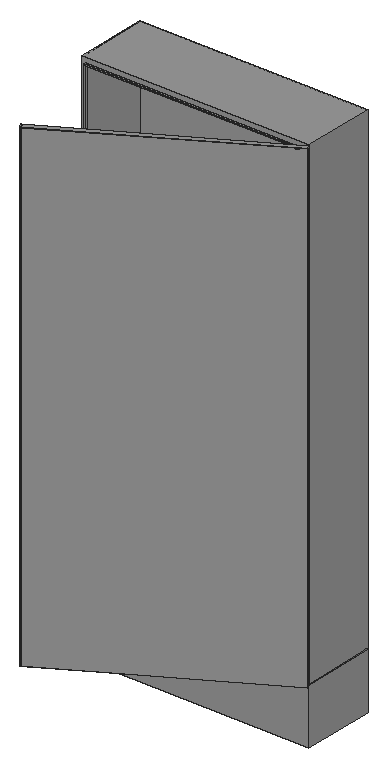
Revit family "Hager-Univers-IP55-D275-H1900-Cl.I-Steel_encl-NoHosted-CH-fr", category Electrical Equipment, Revit 2020
Family settings
  Panel Configuration = Two Columns, Circuits Across
  Round Connector Dimension = Use Diameter
  Part Type = Panelboard
  Work Plane-Based = Yes
  Always vertical = Yes
  Cut with Voids When Loaded = No
  Shared = No
  Room Calculation Point = No
Parameters (values of type "installation au sol IP55 L800 H1900 P275  - FR13E2")
  Width Control [instance] = if([EF000008 - largeur] > Min Width, [EF000008 - largeur], Min Width)  # 800 mm
  Type Comments = [HG000003 - Gamme]  # "Univers"
  Thickness Door [instance] = if([EF009171 - épaisseur de matériau de la porte/du couvercle] > 3 mm, 3 mm, [EF009171 - épaisseur de matériau de la porte/du couvercle])  # 1.5 mm
  Seal Frame Offset [instance] = 17 mm  # constant formula
  Plinth Visibility [instance] = [HG000027 - Hauteur du socle] > 0 mm  # yes
  Min Width [instance] = 100 mm  # constant formula
  Min Depth [instance] = (2 * [EF009170 - épaisseur de matériau du boîtier]) + 1 mm  # 4 mm
  Min Height [instance] = 100 mm  # constant formula
  Internal Frame Depth [instance] = (Door System Depth * 0.5)  # 9 mm
  Panel Name [instance] = ""  # (empty or 0)
  Model = ""
  HG000027 - Hauteur du socle = 200 mm
  HG000026 - Installation au sol = yes
  HG000024 - Hauteur de la section basse = 600 mm
  HG000023 - Armoire double section = no
  HG000016 - Visibilité de la porte 3D [instance] = yes
  HG000015 - Visibilité de l'emprise de la porte [instance] = no
  HG000014 - Porte à droite [instance] = yes
  HG000013 - Porte à gauche [instance] = not([HG000014 - Porte à droite])  # no
  HG000012 - Angle de pivotement de la porte [instance] = 30.00°
  HG000010 - Portes asymétriques = no
  HG000009 - Porte à double battant = no
  HG000006 - Encastré = no
  HG000004 - Référence fabricant = "FR13E2"
  HG000003 - Gamme = "Univers"
  HG000002 - avec porte = yes
  Frame Offset Bottom [instance] = 10 mm  # constant formula
  Frame Offset [instance] = 15 mm  # constant formula
  EF015940 - couvercle avec décharge de pression = no
  EF011959 - degré de protection (NEMA) = ""
  EF009554 - nombre d'ouvertures pour plaques à bride = 6
  EF009212 - finition du couvercle = "EV000116 - fermé"
  EF009171 - épaisseur de matériau de la porte/du couvercle = 1.5 mm
  EF009170 - épaisseur de matériau du boîtier = 1.5 mm
  EF008873 - courant nominal (In) = 800 A
  EF007800 - adapté à un parafoudre = no
  EF006306 - avec serrure = no
  EF006244 - couvercle/porte transparent(e) = no
  EF005474 - indice de protection (IP) = "EV006420 - IP55"
  EF004464 - type de porte = "EV002646 - unique"
  EF004427 - nombre de modules = 396
  EF004293 - indice de protection contre les chocs (IK) = "EV008784 - IK10"
  EF003532 - convient pour utilisation à l’extérieur = no
  EF002950 - largeur en nombre de modules = 24
  EF001613 - maintien de fonction = "EV000494 - sans"
  EF001596 - matériau du boîtier/corps = "EV000179 - acier"
  EF001131 - profondeur intérieure = 275 mm
  EF001088 - possibilité de montage en saillie = yes
  EF000437 - nombre d'entrées de conduit = 6
  EF000339 - type de capot = "EV004216 - porte"
  EF000266 - nombre de rangées = 11
  EF000218 - profondeur d'encastrement = 0 mm
  EF000118 - avec cadre/support de montage = no
  EF000116 - numéro RAL = "7035"
  EF000049 - profondeur = 275 mm
  EF000040 - hauteur = 1900 mm
  EF000008 - largeur = 800 mm
  EF000007 - couleur = "EV000270 - gris"
  EF000003 - mode de pose = "EV012274 - installation au sol"
  Door System Leaf Tolerance [instance] = 1.5 mm  # constant formula
  Door System Depth [instance] = 18 mm  # constant formula
  Door Height [instance] = Height Control - [HG000027 - Hauteur du socle]  # 1700 mm
  Description = ""
  Default Elevation = 1219.2 mm
  Connector Offset [instance] = Height Control / 2  # 950 mm
  Manufacturer = "Hager"  # constant formula
  Height Control [instance] = if([EF000040 - hauteur] > Min Height, [EF000040 - hauteur], Min Height)  # 1900 mm
  Depth Control [instance] = if([EF000049 - profondeur] > Min Depth, [EF000049 - profondeur], Min Depth)  # 275 mm
  Bottom Top Plate Trim [instance] = 1.5 mm  # constant formula
  Plinth height Ctrl [instance] = if([HG000027 - Hauteur du socle] > 0 mm, [HG000027 - Hauteur du socle], 12 mm)  # 200 mm
Types (5, lengths in mm): name | Width Control | HG000010 - Portes asymétriques | HG000009 - Porte à double battant | HG000004 - Référence fabricant | EF009554 - nombre d'ouvertures pour plaques à bride | EF004464 - type de porte | EF004427 - nombre de modules | EF000437 - nombre d'entrées de conduit | EF000008 - largeur
  installation au sol IP55 L1050 H1900 P275  - FR14E2 | 1050 | yes | yes | "FR14E2" | 8 | "EV003602 - double" | 528 | 8 | 1050
  installation au sol IP55 L1300 H1900 P275  - FR15E2 | 1300 | yes | yes | "FR15E2" | 10 | "EV003602 - double" | 660 | 10 | 1300
  installation au sol IP55 L300 H1900 P275  - FR11E2 | 300 | no | no | "FR11E2" | 2 | "EV002646 - unique" | 132 | 2 | 300
  installation au sol IP55 L550 H1900 P275  - FR12E2 | 550 | no | no | "FR12E2" | 4 | "EV002646 - unique" | 264 | 4 | 550
  installation au sol IP55 L800 H1900 P275  - FR13E2 | 800 | no | no | "FR13E2" | 6 | "EV002646 - unique" | 396 | 6 | 800
Reference planes
  plane 1 "Center (Front/Back)": y = 0
  plane 2: z = 0
  plane 3 "Center (Left/Right)": x = 0
  plane 4: y = 0
  plane 5: y = 0
  plane 6: z = 0
  plane 7: x = -400
  plane 8: x = 400
  plane 9: x = 398.5
  plane 10: x = -398.5
  plane 11: z = 200
  plane 12: z = 201.5
  plane 13: y = -275
  plane 14: y = -1.5
  plane 15: x = 0
  plane 16: y = -257
  plane 17: y = -273.5
  plane 18: y = -255.5
  plane 19: x = -383.5
  plane 20: x = 383.5
  plane 21: z = 211.5
  plane 22: x = -383
  plane 23: x = 383
  plane 24: z = 200
  plane 25: z = 1900
  plane 26: z = 1900
  plane 27: z = 1883.5
  plane 28: z = 1898.5
Forms (mm)
  Extrusion 1, solid, material "Hager_Steel_RAL7035_Light_Grey", detail levels medium+fine
    sketch origin (-208.679, -4572, 200) x (-1, 0, 0) y (0, -1, 0)
      loop
        line (191.321, -4315) -> (-608.679, -4315) -> (-608.679, -4572) -> (191.321, -4572) -> (191.321, -4315)
    from 0 to 1700
  Extrusion 2, void
    sketch origin (-350.771, -275, 1219.2) x (1, 0, 0) y (0, 0, 1)
      loop
        line (-47.729, 679.3) -> (-47.729, -1017.7) -> (749.271, -1017.7) -> (749.271, 679.3) -> (-47.729, 679.3)
    from -19.5 to -273.5
  Extrusion 3, void
    sketch origin (-290.084, -257, 1219.2) x (1, 0, 0) y (0, 0, 1)
      loop
        line (-93.416, -1007.7) -> (673.584, -1007.7) -> (673.584, 664.3) -> (-93.416, 664.3) -> (-93.416, -1007.7)
    from 0 to -1.5
  Extrusion 4, solid, material "Hager_Steel_RAL7035_Light_Grey", visible <- "Plinth Visibility", detail levels medium+fine
    sketch origin (0, 0, 0) x (1, 0, 0) y (0, 1, 0)
      loop
        line (-400, 0) -> (-400, -257) -> (400, -257) -> (400, 0) -> (-400, 0)
    from 0 to 200 <- "Plinth height Ctrl"
  Extrusion 5, solid, material "Hager_Steel_RAL7035_Light_Grey", detail levels coarse
    sketch origin (0, 0, 0) x (1, 0, 0) y (0, 1, 0)
      loop
        line (-400, 0) -> (-400, -275) -> (400, -275) -> (400, 0) -> (-400, 0)
    from 0 to 1900 <- "Height Control"
  Sweep 6, void
    path in 3D
      loop
        line (-400, -257, 200) -> (400, -257, 200) -> (400, 0, 200) -> (-400, 0, 200) -> (-400, -257, 200)
    profile origin (-400, -128.5, 200) x (1, 0, 0) y (0, 0, 1)
      loop
        line (0, 0) -> (0, -1.5) -> (1.5, -1.5)
        arc (1.5, -1.5) -> (1.061, -0.439) -> (0, 0) r 1.5
  Extrusion 7, solid, material "Hager_Steel_RAL7035_Light_Grey", detail levels fine
    sketch origin (-400, -257, 200) x (1, 0, 0) y (0, 0, 1)
      loop
        line (16.5, 11.5) -> (783.5, 11.5) -> (783.5, 1683.5) -> (16.5, 1683.5) -> (16.5, 11.5)
      loop
        line (15, 10) -> (785, 10) -> (785, 1685) -> (15, 1685) -> (15, 10)
    from 0 to 9 <- "Internal Frame Depth"
Cuts and joins
  Extrusion 2, Extrusion 3 cuts Extrusion 1
  Sweep 6 cuts Extrusion 4
Lines and regions (mm)
  Masking region 1
    outline origin (0, 0, 0) x (1, 0, 0) y (0, 1, 0)
      loop
        line (-400, 0) -> (-400, -275) -> (400, -275) -> (400, 0) -> (-400, 0)
  Masking region 2, detail levels coarse
    outline origin (-290.084, -257, 1219.2) x (-1, 0, 0) y (0, 0, 1)
      loop
        line (-690.084, -1219.2) -> (109.916, -1219.2) -> (109.916, 680.8) -> (-690.084, 680.8) -> (-690.084, -1219.2)
  Masking region 3, detail levels coarse
    outline origin (0, 0, 0) x (0, 1, 0) y (0, 0, 1)
      loop
        line (0, 0) -> (0, 1900) -> (-275, 1900) -> (-275, 0) -> (0, 0)
  Masking region 4, visible <- "Plinth Visibility", detail levels medium+fine
    outline origin (0, 0, 0) x (0, 1, 0) y (0, 0, 1)
      loop
        line (-1.5, 200) -> (-255.5, 200)
        arc (-255.5, 200) -> (-255.939, 198.939) -> (-257, 198.5) r 1.5
        line (-257, 198.5) -> (-257, 0) -> (0, 0) -> (0, 198.5)
        arc (0, 198.5) -> (-1.061, 198.939) -> (-1.5, 200) r 1.5
  Masking region 5, detail levels medium+fine
    outline origin (0, 0, 594.038) x (0, 1, 0) y (0, 0, 1)
      loop
        line (0, -394.038) -> (0, 1305.962) -> (-257, 1305.962) -> (-257, -394.038) -> (0, -394.038)
  Masking region 6, detail levels medium+fine
    outline origin (-359.7, -257, 1211.883) x (-1, 0, 0) y (0, 0, 1)
      loop
        line (-759.7, -1011.883) -> (40.3, -1011.883) -> (40.3, 688.117) -> (-759.7, 688.117) -> (-759.7, -1011.883)
  Masking region 7, visible <- "Plinth Visibility", detail levels medium+fine
    outline origin (-320.334, -257, 1041.368) x (-1, 0, 0) y (0, 0, 1)
      loop
        line (-720.334, -1041.368) -> (79.666, -1041.368) -> (79.666, -842.868)
        arc (79.666, -842.868) -> (78.606, -842.429) -> (78.166, -841.368) r 1.5
        line (78.166, -841.368) -> (-718.834, -841.368)
        arc (-718.834, -841.368) -> (-719.273, -842.429) -> (-720.334, -842.868) r 1.5
        line (-720.334, -842.868) -> (-720.334, -1041.368)
  sketch lines
    curve 1: line (-400, 0, 200) -> (-400, -257, 200)
    curve 2: line (-400, -257, 200) -> (400, -257, 200)
    curve 3: line (400, 0, 200) -> (-400, 0, 200)
    curve 4: line (400, -257, 200) -> (400, 0, 200)
Dimensions and locks
  locked: plane 1 "Center (Front/Back)" to plane 5
  "EF009170 - épaisseur de matériau du boîtier": plane 7 to plane 10
  "EF009170 - épaisseur de matériau du boîtier": plane 8 to plane 9
  equal spacing: plane 7, plane 3 "Center (Left/Right)", plane 8
  "Width Control": plane 7 to plane 8
  "Depth Control": plane 4 to plane 13
  "EF009170 - épaisseur de matériau du boîtier": plane 4 to plane 14
  "Height Control": plane 25 to level
  "HG000027 - Hauteur du socle": plane 11 to level
  "EF009170 - épaisseur de matériau du boîtier": plane 12 to plane 11
  "EF009170 - épaisseur de matériau du boîtier": plane 17 to plane 13
  "EF009170 - épaisseur de matériau du boîtier": plane 18 to plane 16
  "Frame Offset Bottom": plane 21 to plane 12
  "Frame Offset": plane 10 to plane 19
  "Frame Offset": plane 9 to plane 20
  "Door System Depth": plane 16 to plane 13
  "Seal Frame Offset": plane 7 to plane 22
  "Seal Frame Offset": plane 8 to plane 23
  "EF009170 - épaisseur de matériau du boîtier": plane 26 to plane 28
  "Frame Offset": plane 28 to plane 27
  "Connector Offset": plane 2 to connector elem
  "Bottom Top Plate Trim": profile plane to Sweep 6 sketch curve
  "Bottom Top Plate Trim": Sweep 6 sketch curve to Sweep 6 sketch curve
  "Plinth height Ctrl": Masking region 4 sketch curve to level
  "Plinth height Ctrl": Masking region 7 sketch curve to level
  "Thickness Door": Extrusion 7 sketch curve to Extrusion 7 sketch curve  (x4)
  "Bottom Top Plate Trim": radius of Sweep 6 sketch curve
  "Bottom Top Plate Trim": radius of Masking region 4 sketch curve  (x2)
  "Bottom Top Plate Trim": radius of Masking region 7 sketch curve  (x2)
  aligned and locked: Extrusion 2 sketch curve to plane 12
  aligned and locked: Extrusion 2 sketch curve to plane 9
  aligned and locked: Extrusion 2 sketch curve to plane 10
  aligned and locked: Extrusion 2 to plane 14
  aligned and locked: Extrusion 1 sketch curve to plane 4
  aligned and locked: plane 8 to Extrusion 1 sketch curve
  aligned and locked: plane 7 to Extrusion 1 sketch curve
  aligned and locked: Extrusion 2 to plane 18
  aligned and locked: Extrusion 3 sketch curve to plane 19
  aligned and locked: plane 20 to Extrusion 3 sketch curve
  aligned and locked: Extrusion 3 to Extrusion 2
  aligned and locked: Extrusion 3 sketch curve to plane 21
  aligned and locked: plane 3 "Center (Left/Right)" to nested 1
  aligned and locked: Extrusion 1 sketch curve to plane 16
  aligned and locked: Extrusion 4 sketch curve to cut or joined group of Extrusion 1, Extrusion 2, Extrusion 3
  aligned and locked: Masking region 1 sketch curve to plane 7
  aligned and locked: Masking region 1 sketch curve to plane 5
  aligned and locked: Masking region 1 sketch curve to plane 8
  aligned and locked: Masking region 2 sketch curve to level
  aligned and locked: level to Masking region 3 sketch curve
  aligned and locked: plane 1 "Center (Front/Back)" to Masking region 3 sketch curve
  aligned and locked: plane 13 to Masking region 3 sketch curve
  aligned and locked: plane 5 to Masking region 4 sketch curve
  aligned and locked: Masking region 2 sketch curve to plane 8
  aligned and locked: Masking region 2 sketch curve to plane 7
  aligned and locked: plane 7 to nested 2
  aligned and locked: nested 2 to plane 5
  aligned and locked: plane 5 to Masking region 5 sketch curve
  aligned and locked: plane 26 to Masking region 5 sketch curve
  aligned and locked: Extrusion 5 sketch curve to plane 8
  aligned and locked: Extrusion 5 sketch curve to plane 7
  aligned and locked: Extrusion 5 sketch curve to plane 5
  aligned and locked: Extrusion 3 sketch curve to plane 27
  aligned and locked: Extrusion 2 sketch curve to plane 28
  aligned and locked: Masking region 2 to plane 25
  aligned and locked: Extrusion 4 to plane 16
  aligned and locked: profile plane to Sweep 6 sketch curve
  aligned and locked: Masking region 5 sketch curve to plane 24
  aligned and locked: level to Masking region 4 sketch curve
  aligned and locked: Masking region 1 to plane 13
  aligned and locked: nested 1 to plane 16
  aligned and locked: Masking region 3 to plane 25
  aligned and locked: plane 16 to Masking region 4 sketch curve
  aligned and locked: Masking region 5 sketch curve to plane 16
  aligned and locked: plane 24 to plane 11
  aligned and locked: plane 26 to plane 25
  aligned and locked: plane 26 to cut or joined group of Extrusion 1, Extrusion 2, Extrusion 3
  aligned and locked: nested 1 to plane 24
  aligned and locked: Extrusion 1 to Extrusion 3
  aligned and locked: Masking region 6 sketch curve to plane 8
  aligned and locked: Masking region 6 sketch curve to plane 24
  aligned and locked: Masking region 6 sketch curve to plane 7
  aligned and locked: Masking region 6 sketch curve to plane 26
  aligned and locked: Masking region 7 sketch curve to plane 7
  aligned and locked: level to Masking region 7 sketch curve
  aligned and locked: Masking region 7 sketch curve to plane 8
  aligned and locked: Extrusion 7 sketch curve to cut or joined group of Extrusion 1, Extrusion 2, Extrusion 3  (x4)
Automatic sketch dimensions
  plane 19 to Extrusion 3 sketch curve = 0 mm
  Extrusion 3 sketch curve to plane 20 = 0 mm
  Extrusion 3 sketch curve to plane 21 = 0 mm
  Extrusion 4 sketch curve to plane 7 = 0 mm
  Extrusion 4 sketch curve to plane 8 = 0 mm
  Extrusion 4 sketch curve to plane 16 = 0 mm
  Masking region 1 sketch curve to plane 13 = 0 mm
  Masking region 2 sketch curve to plane 25 = 0 mm
  Masking region 3 sketch curve to plane 25 = 0 mm
  Extrusion 5 sketch curve to plane 13 = 0 mm
  profile plane to Sweep 6 sketch curve = 0 mm
Nested families
  nested 1: "EC000058_Univers_Door" at (0, -257, 200), Double <- "HG000009 - Porte à double battant", Transparent <- "EF006244 - couvercle/porte transparent(e)", Angle <- "HG000012 - Angle de pivotement de la porte", Door_Right <- "HG000014 - Porte à droite", Assymetrical <- "HG000010 - Portes asymétriques", Door <- "HG000002 - avec porte", Width_Ctrl <- "Width Control", 3d_Door <- "HG000016 - Visibilité de la porte 3D", Clearance <- "HG000015 - Visibilité de l'emprise de la porte", Door_Left <- "HG000013 - Porte à gauche", Width <- "Width Control", Door_Depth <- "Door System Depth", Leaf_Tolerance <- "Door System Leaf Tolerance", Height <- "Door Height", Lock_Visibility <- "EF006306 - avec serrure", Thickness <- "Thickness Door", type "EC000058_Univers_Door", detail levels medium+fine
    with min_wh 4 mm, Width_Ctrl 800 mm, Width 800 mm, Transparent no, Thickness 1.5 mm, Seal_Material Hager_Rubber, Lock_Visibility no, Lock_Material Hager_Plastic_RAL9005_Jet_Black, Leaf_Width 800 mm, Leaf_Tolerance_External_Sides 0 mm, Leaf_Tolerance 1.5 mm, Leaf_Offset 0 mm, Leaf_Height 1697 mm, Leaf_2_Width 800 mm, Leaf_2_Offset 400 mm, Leaf_1_Width 800 mm, Leaf_1_Offset 400 mm, Height_Ctrl 1700 mm, Height 1700 mm, Glass_Material Hager_Glass, Double_Clearance_Ctrl no, Double no, Door_Right_Ctrl yes, Door_Right yes, Door_Material Hager_Steel_RAL7035_Light_Grey, Door_Left_Ctrl no, Door_Left no, Door_Depth 18 mm, Door yes, Clearance_Material Hager_Clearance, Clearance_Depth 800 mm, Clearance_Ctrl no, Clearance no, Assymetrical no, Angle 30.00°, 3d_Door yes
  nested 2: "Hager_Enclosure_Symbol" at (-400, 0, 0), Height <- "Depth Control", Width <- "Width Control", type "Hager_Enclosure_Symbol"
    with Width_Ctrl 800 mm, Width 800 mm, Height_Ctrl 275 mm, Height 275 mm, A_Width_Int 18.047 mm, A_Width 216.562 mm, A_Height_Ctrl 240.625 mm, A_Height 240.625 mm
Connectors
  electrical at (0, 0, 950)
    settings: on plane 1 "Center (Front/Back)", index 1, voltage 0 V, apparent load 0 VA, apparent load phase1 0 VA, apparent load phase2 0 VA, apparent load phase3 0 VA, power factor 1, load classification "Other", number of poles 1, system type 30, power factor state 1, is connector primary yes, connector utility no, sub classification motor no, connector description ""
Definition of nested family "EC000058_Univers_Door"
  Parameters (values of type "EC000058_Univers_Door")
    min_wh [instance] = (2 * Thickness) + 1 mm  # 11 mm
    Width_Ctrl [instance] = 400 mm
    Width [instance] = 500 mm
    Transparent [instance] = yes
    Thickness [instance] = 5 mm
    Seal_Material [instance] = none
    Lock_Visibility [instance] = yes
    Lock_Material [instance] = none
    Leaf_Width [instance] = if((Width_Ctrl - 2 * Leaf_Tolerance_External_Sides) > 0 mm, (Width_Ctrl - 2 * Leaf_Tolerance_External_Sides), min_wh)  # 400 mm
    Leaf_Tolerance_External_Sides [instance] = 0 mm  # constant formula
    Leaf_Tolerance [instance] = 1.5 mm
    Leaf_Offset [instance] = 0 mm  # constant formula
    Leaf_Height [instance] = if((Height_Ctrl - 2 * Leaf_Tolerance) > 0 mm, (Height_Ctrl - 2 * Leaf_Tolerance), min_wh)  # 497 mm
    Leaf_2_Width [instance] = if(and(and(Double, Assymetrical), Door_Left), (Leaf_Width / 3) - (Leaf_Tolerance / 2), if(and(and(Double, Assymetrical), Door_Right), (Leaf_Width / 3) * 2 - (Leaf_Tolerance / 2), if(and(Double, not(Assymetrical)), (Leaf_Width / 2) - Leaf_Tolerance, Leaf_Width)))  # 400 mm
    Leaf_2_Offset [instance] = if(and(Double, Assymetrical), Leaf_2_Width / 2, if(and(Double, not(Assymetrical)), Leaf_Width / 4, Leaf_Width / 2))  # 200 mm
    Leaf_1_Width [instance] = if(and(and(Double, Assymetrical), Door_Right), (Leaf_Width / 3) - (Leaf_Tolerance / 2), if(and(and(Double, Assymetrical), Door_Left), (Width / 3) * 2 - (Leaf_Tolerance / 2), if(and(Double, not(Assymetrical)), (Leaf_Width / 2) - Leaf_Tolerance, Leaf_Width)))  # 400 mm
    Leaf_1_Offset [instance] = if(and(Double, Assymetrical), Leaf_1_Width / 2, if(and(Double, not(Assymetrical)), Leaf_Width / 4, Leaf_Width / 2))  # 200 mm
    Height_Ctrl [instance] = if(Height > min_wh, Height, min_wh)  # 500 mm
    Height [instance] = 500 mm
    Glass_Material [instance] = none
    Double_Clearance_Ctrl [instance] = and(Double, Clearance)  # no
    Double [instance] = no
    Door_Right_Ctrl [instance] = and(or(Door_Right, Double), Door)  # yes
    Door_Right [instance] = yes
    Door_Material [instance] = none
    Door_Left_Ctrl [instance] = and(or(Door_Left, Double), Door)  # no
    Door_Left [instance] = no
    Door_Depth [instance] = 30 mm
    Door [instance] = yes
    Default Elevation = 1219.2 mm
    Clearance_Material [instance] = none
    Clearance_Depth [instance] = if(Leaf_1_Width > Leaf_2_Width, Leaf_1_Width, Leaf_2_Width)  # 400 mm
    Clearance_Ctrl [instance] = and(not(Double), Clearance)  # yes
    Clearance [instance] = yes
    Assymetrical [instance] = yes
    Angle [instance] = 30.00°
    3d_Door [instance] = yes
  Reference planes
    plane 1 "Center (Front/Back)": y = 0
    plane 2 "Bottom": z = 0
    plane 3 "Center (Left/Right)": x = 0
    plane 4: z = 500
    plane 5: x = -200
    plane 6: x = 200
    plane 7: z = 500
    plane 8: x = -200
    plane 9: z = 0
    plane 10: x = 200
    plane 11: y = 0
    plane 12: z = 1.5
    plane 13: x = -600
    plane 14: y = -400
    plane 15: x = 600
    plane 16: x = 0
    plane 17: x = 0
    plane 18: x = -200
    plane 19: x = 200
    plane 20: z = 498.5
  Forms (mm)
    Extrusion 1, solid, material <- "Clearance_Material", visible <- "Double_Clearance_Ctrl"
      sketch origin (1200, 0, 0) x (1, 0, 0) y (0, 0, -1)
        loop
          line (-1800, -498.5) -> (-600, -498.5) -> (-600, 0) -> (-1800, 0) -> (-1800, -498.5)
      from 0 to -400
  Dimensions and locks
    equal spacing: plane 5, plane 3 "Center (Left/Right)", plane 6
    "Width_Ctrl": plane 5 to plane 6
    "Leaf_Offset": plane 5 to plane 8
    "Leaf_Offset": plane 6 to plane 10
    "Leaf_Offset": plane 9 to level
    "Leaf_Offset": plane 4 to plane 7
    "Height_Ctrl": plane 4 to level
    "Leaf_Tolerance": plane 12 to plane 9
    locked: plane 11 to plane 1 "Center (Front/Back)"
    "Leaf_1_Offset": plane 18 to plane 16
    "Leaf_2_Offset": plane 17 to plane 19
    "Leaf_1_Width": plane 13 to plane 8
    "Leaf_2_Width": plane 10 to plane 15
    "Clearance_Depth": plane 14 to plane 1 "Center (Front/Back)"
    "Leaf_Tolerance_External_Sides": plane 8 to plane 18
    "Leaf_Tolerance_External_Sides": plane 19 to plane 10
    "Leaf_Tolerance": plane 7 to plane 20
    aligned and locked: level to plane 2 "Bottom"
    aligned and locked: nested 1 to plane 16
    aligned and locked: nested 2 to plane 17
    aligned and locked: Extrusion 1 to plane 13
    aligned and locked: plane 15 to Extrusion 1
    aligned and locked: Extrusion 1 to plane 14
    aligned and locked: plane 12 to nested 1
    aligned and locked: nested 2 to plane 12
    aligned and locked: Extrusion 1 to plane 11
    aligned and locked: plane 20 to Extrusion 1
    aligned and locked: nested 2 to plane 11
    aligned and locked: nested 1 to plane 11
  Automatic sketch dimensions
    Extrusion 1 sketch curve to level = 0 mm
    plane 5 to Extrusion 1 sketch curve = 400 mm
    plane 6 to Extrusion 1 sketch curve = 400 mm
    Extrusion 1 sketch curve to plane 4 = 1.5 mm
  Nested families
    nested 1: "EC000058_Univers_Door_Leaf" at (0, 0, 1.5), Width <- "Leaf_1_Width", visible <- "Door_Left_Ctrl", Leaf_Height <- "Leaf_Height", Angle <- "Angle", 3d_Door <- "3d_Door", Transparent <- "Transparent", Clearance Material <- "Clearance_Material", Clearance <- "Clearance_Ctrl", Door_Material <- "Door_Material", Glass_Material <- "Glass_Material", Door_Depth <- "Door_Depth", Lock_Material <- "Lock_Material", Seal_Material <- "Seal_Material", Lock_Visibility <- "Lock_Visibility", Thickness <- "Thickness", type "EC000058_Univers_Door_Leaf"
      with Width 400 mm, Transparent_Glass_Offset 30 mm, Transparent_Ctrl yes, Transparent yes, Thickness 5 mm, Standard no, Seal_Material none, Seal_D2 8 mm, Seal_D1 1 mm, Offset_Internal_Frame 10 mm, Lock_Width 20 mm, Lock_Visibility_3d yes, Lock_Visibility yes, Lock_Thickness_3 3 mm, Lock_Thickness_2 1 mm, Lock_Thickness_1 3 mm, Lock_Radius_Offset_2 16 mm, Lock_Radius_Offset_1 15 mm, Lock_Radius_2 5 mm, Lock_Radius 6 mm, Lock_Offset 5 mm, Lock_Material none, Lock_Height 80 mm, Lock_Cover_Top_Offset_2d 17 mm, Lock_Cover_Height -65 mm, Leaf_Height 497 mm, Internal_Seal_Thickness 8 mm, Internal_Seal_Depth_2 4.5 mm, Internal_Frame_Depth 25 mm, Glass_Thickness -1 mm, Glass_Offset -2 mm, Glass_Material none, Door_Material none, Door_Depth 30 mm, Clearance Material none, Clearance yes, Angle_Ctrl 30.00°, Angle 30.00°, 3d_Door yes
    nested 2: "EC000058_Univers_Door_Leaf" at (0, 0, 1.5) x (-1, 0, 0) z (0, 0, 1), Width <- "Leaf_2_Width", visible <- "Door_Right_Ctrl", Leaf_Height <- "Leaf_Height", Angle <- "Angle", 3d_Door <- "3d_Door", Transparent <- "Transparent", Clearance Material <- "Clearance_Material", Clearance <- "Clearance_Ctrl", Door_Material <- "Door_Material", Glass_Material <- "Glass_Material", Door_Depth <- "Door_Depth", Lock_Material <- "Lock_Material", Seal_Material <- "Seal_Material", Lock_Visibility <- "Lock_Visibility", Thickness <- "Thickness", type "EC000058_Univers_Door_Leaf"
      with Width 400 mm, Transparent_Glass_Offset 30 mm, Transparent_Ctrl yes, Transparent yes, Thickness 5 mm, Standard no, Seal_Material none, Seal_D2 8 mm, Seal_D1 1 mm, Offset_Internal_Frame 10 mm, Lock_Width 20 mm, Lock_Visibility_3d yes, Lock_Visibility yes, Lock_Thickness_3 3 mm, Lock_Thickness_2 1 mm, Lock_Thickness_1 3 mm, Lock_Radius_Offset_2 16 mm, Lock_Radius_Offset_1 15 mm, Lock_Radius_2 5 mm, Lock_Radius 6 mm, Lock_Offset 5 mm, Lock_Material none, Lock_Height 80 mm, Lock_Cover_Top_Offset_2d 17 mm, Lock_Cover_Height -65 mm, Leaf_Height 497 mm, Internal_Seal_Thickness 8 mm, Internal_Seal_Depth_2 4.5 mm, Internal_Frame_Depth 25 mm, Glass_Thickness -1 mm, Glass_Offset -2 mm, Glass_Material none, Door_Material none, Door_Depth 30 mm, Clearance Material none, Clearance yes, Angle_Ctrl 30.00°, Angle 30.00°, 3d_Door yes
  Definition of nested family "EC000058_Univers_Door_Leaf"
    Parameters (values of type "EC000058_Univers_Door_Leaf")
      Width [instance] = 2000 mm
      Transparent_Glass_Offset [instance] = 30 mm
      Transparent_Ctrl [instance] = and(Transparent, [3d_Door])  # yes
      Transparent [instance] = yes
      Thickness [instance] = 5 mm
      Standard [instance] = and(not(Transparent), [3d_Door])  # no
      Seal_Material [instance] = none
      Seal_D2 [instance] = 8 mm  # constant formula
      Seal_D1 [instance] = 1 mm  # constant formula
      Offset_Internal_Frame [instance] = 10 mm  # constant formula
      Lock_Width [instance] = 20 mm  # constant formula
      Lock_Visibility_3d [instance] = and(Lock_Visibility, [3d_Door])  # yes
      Lock_Visibility [instance] = yes
      Lock_Thickness_3 [instance] = 3 mm  # constant formula
      Lock_Thickness_2 [instance] = 1 mm  # constant formula
      Lock_Thickness_1 [instance] = 3 mm  # constant formula
      Lock_Radius_Offset_2 [instance] = Lock_Radius_Offset_1 + 1 mm  # 16 mm
      Lock_Radius_Offset_1 [instance] = 15 mm  # constant formula
      Lock_Radius_2 [instance] = Lock_Radius - 1 mm  # 5 mm
      Lock_Radius [instance] = 6 mm  # constant formula
      Lock_Offset [instance] = 5 mm  # constant formula
      Lock_Material [instance] = none
      Lock_Height [instance] = 80 mm  # constant formula
      Lock_Cover_Top_Offset_2d [instance] = Lock_Radius_Offset_2 + 1 mm  # 17 mm
      Lock_Cover_Height [instance] = -(Lock_Height - Lock_Radius_Offset_1)  # -65 mm
      Leaf_Height [instance] = 2720.336 mm
      Internal_Seal_Thickness [instance] = 8 mm  # constant formula
      Internal_Seal_Depth_2 [instance] = 4.5 mm  # constant formula
      Internal_Frame_Depth [instance] = if(Door_Depth - Thickness > 5 mm, Door_Depth - Thickness, 5 mm)  # 25 mm
      Glass_Thickness [instance] = if(Thickness > 15 mm, Glass_Offset + 10 mm, -1 mm)  # -1 mm
      Glass_Offset [instance] = if(Thickness > 15 mm, -(Thickness + 10 mm) / 2, -2 mm)  # -2 mm
      Glass_Material [instance] = none
      Door_Material [instance] = none
      Door_Depth [instance] = 30 mm
      Default Elevation = 0 mm
      Clearance Material [instance] = none
      Clearance [instance] = yes
      Angle_Ctrl [instance] = if(Angle > 180.00°, 180.00°, Angle)  # 90.00°
      Angle [instance] = 90.00°
      3d_Door [instance] = yes
    Reference planes
      plane 1 "Center (Front/Back)": y = 0
      plane 2: z = 0
      plane 3 "Center (Left/Right)": x = 0
      plane 4: y = 2000
      plane 5: x = -1000
      plane 6: x = 1000
      plane 7: x = -3000
      plane 8: z = 2720.336
      plane 9: z = 30
      plane 10: z = 2690.336
      plane 11: x = 970
      plane 12: x = -970
      plane 13: y = -3
      plane 14: z = 107.833
      plane 15: y = -5
      plane 16: y = -223.314
      plane 17: x = -1000
      plane 18: z = 1360.168
      plane 19: y = 30
    Forms (mm)
      Extrusion 1, solid, material <- "Clearance Material", visible <- "Clearance"
        sketch origin (0, 0, 0) x (1, 0, 0) y (0, 0, 1)
          loop
            line (-3000, 2720.336) -> (-3000, 0) -> (1000, 0) -> (1000, 2720.336) -> (-3000, 2720.336)
        from 0 to -2000
      Extrusion 2, solid, material <- "Door_Material", visible <- "Standard", detail levels medium+fine
        sketch origin (-1000, 0, 0) x (0, 1, 0) y (-1, 0, 0)
          loop
            line (0, 30) -> (0, 25) -> (2000, 25) -> (2000, 30) -> (0, 30)
        from 0 to 2720.336 <- "Leaf_Height"
      Extrusion 3, solid, material <- "Door_Material", visible <- "Transparent_Ctrl", detail levels medium+fine
        sketch origin (-1000, 0, 0) x (0, 1, 0) y (-1, 0, 0)
          loop
            line (0, 25) -> (2000, 25) -> (2000, 30) -> (0, 30) -> (0, 25)
        from 0 to 2720.336 <- "Leaf_Height"
      Extrusion 4, void
        sketch origin (-1025, 2000, 0) x (0, 1, 0) y (0, 0, -1)
          loop
            line (-30, -2690.336) -> (-30, -30) -> (-1970, -30) -> (-1970, -2690.336) -> (-30, -2690.336)
        from 0 to 5 <- "Thickness"
      Sweep 5, solid, material <- "Seal_Material", visible <- "Transparent_Ctrl", detail levels fine
        path in 3D
          loop
            line (-1025, 30, 30) -> (-1025, 30, 2690.336) -> (-1025, 1970, 2690.336) -> (-1025, 1970, 30) -> (-1025, 30, 30)
        profile origin (-1025, 1000, 30) x (1, 0, 0) y (0, 0, 1)
          loop
            line (0, 0) -> (0, -8) -> (1, -8) -> (1, 0) -> (0, 0)
      Extrusion 6, solid, material <- "Glass_Material", visible <- "Transparent_Ctrl", detail levels medium+fine
        sketch origin (-1030, 0, 0) x (0, 1, 0) y (0, 0, -1)
          loop
            line (1970, -2690.336) -> (1970, -30) -> (30, -30) -> (30, -2690.336) -> (1970, -2690.336)
        from -2 <- "Glass_Offset" to -1 <- "Glass_Thickness"
      Extrusion 7, solid, material <- "Door_Material", visible <- "3d_Door", detail levels medium+fine
        sketch origin (-1025, 2000, 0) x (0, -1, 0) y (0, 0, -1)
          loop
            line (0, -2720.336) -> (2000, -2720.336) -> (2000, 0) -> (0, 0) -> (0, -2720.336)
          loop
            line (1995, -5) -> (5, -5) -> (5, -2715.336) -> (1995, -2715.336) -> (1995, -5)
        from 0 to 25 <- "Internal_Frame_Depth"
      Sweep 8, solid, material <- "Seal_Material", visible <- "Transparent_Ctrl", detail levels fine
        path in 3D
          loop
            line (-1025, 0, 0) -> (-1025, 2000, 0) -> (-1025, 2000, 2720.336) -> (-1025, 0, 2720.336) -> (-1025, 0, 0)
        profile origin (-1025, 0, 1360.168) x (1, 0, 0) y (0, 1, 0)
          loop
            line (0, 10) -> (2.975, 10)
            arc (2.975, 10) -> (4.053, 10.447) -> (4.5, 11.525) r 1.525
            line (4.5, 11.525) -> (4.5, 16.527)
            arc (4.5, 16.527) -> (4.069, 17.569) -> (3.027, 18) r 1.473
            line (3.027, 18) -> (0, 18) -> (0, 10)
      Extrusion 9, solid, material <- "Lock_Material", visible <- "Lock_Visibility_3d", detail levels fine
        sketch origin (-1030, 0, 0) x (0, 1, 0) y (0, 0, -1)
          loop
            arc (1993.5, -1400.168) -> (1994.561, -1399.729) -> (1995, -1398.668) r 1.5
            line (1995, -1398.668) -> (1995, -1320.168) -> (1975, -1320.168) -> (1975, -1398.668)
            arc (1975, -1398.668) -> (1975.439, -1399.729) -> (1976.5, -1400.168) r 1.5
            line (1976.5, -1400.168) -> (1993.5, -1400.168)
        from 3 <- "Lock_Thickness_1" to 0
      Blend 10, solid, material <- "Lock_Material", visible <- "Lock_Visibility_3d", detail levels fine
        base sketch origin (-1033, 0, 0) x (0, 1, 0) y (0, 0, -1)
          loop
            line (1975, -1320.168) -> (1975, -1398.668)
            arc (1975, -1398.668) -> (1975.439, -1399.729) -> (1976.5, -1400.168) r 1.5
            line (1976.5, -1400.168) -> (1993.5, -1400.168)
            arc (1993.5, -1400.168) -> (1994.561, -1399.729) -> (1995, -1398.668) r 1.5
            line (1995, -1398.668) -> (1995, -1320.168) -> (1975, -1320.168)
        top sketch origin (-1033, 0, 0) x (0, 1, 0) y (0, 0, -1)
          loop
            line (1976, -1320.168) -> (1976, -1398.668)
            arc (1976, -1398.668) -> (1976.146, -1399.022) -> (1976.5, -1399.168) r 0.5
            line (1976.5, -1399.168) -> (1993.5, -1399.168)
            arc (1993.5, -1399.168) -> (1993.854, -1399.022) -> (1994, -1398.668) r 0.5
            line (1994, -1398.668) -> (1994, -1320.168) -> (1976, -1320.168)
        from 0 to 1 <- "Lock_Thickness_2"
      Blend 11, solid, material <- "Lock_Material", visible <- "Lock_Visibility_3d", detail levels fine
        base sketch origin (-1034, 0, 0) x (0, 1, 0) y (0, 0, -1)
          loop
            line (1978, -1320.168) -> (1978, -1384.168)
            arc (1978, -1384.168) -> (1985, -1391.168) -> (1992, -1384.168) r 7
            line (1992, -1384.168) -> (1992, -1320.168) -> (1978, -1320.168)
        top sketch origin (-1034, 0, 0) x (0, 1, 0) y (0, 0, -1)
          loop
            line (1991, -1320.168) -> (1979, -1320.168) -> (1979, -1383.168)
            arc (1979, -1383.168) -> (1985, -1389.168) -> (1991, -1383.168) r 6
            line (1991, -1383.168) -> (1991, -1320.168)
        from 0 to 3 <- "Lock_Thickness_3"
      Extrusion 12, solid, material <- "Lock_Material", visible <- "Lock_Visibility_3d", detail levels fine
        sketch origin (-1030, 1975, 1320.168) x (1, 0, 0) y (0, -1, 0)
          loop
            line (-7, -19) -> (-7, -1) -> (0, -1) -> (0, 0) -> (-8, 0) -> (-8, -20) -> (0, -20) -> (0, -19) -> (-7, -19)
        from 0 to -65 <- "Lock_Cover_Height"
      Extrusion 13, void
        sketch origin (-1038, 1995, 1320.168) x (-1, 0, 0) y (0, 0, -1)
          loop
            line (-5, -65) -> (0, -65) -> (-5, -60) -> (-5, -65)
        from 0 to 20 <- "Lock_Width"
      Extrusion 14, void
        sketch origin (-1038, 1975, 1320.168) x (0, -1, 0) y (0, 0, -1)
          loop
            circle (-10, -15.995) r 6
          loop
            circle (-10, -15.995) r 5
        from 0 to 2
      Extrusion 15, solid, material <- "Lock_Material", visible <- "Lock_Visibility_3d", detail levels medium
        sketch origin (-1030, 0, 0) x (0, 1, 0) y (0, 0, -1)
          loop
            arc (1993.5, -1400.168) -> (1994.561, -1399.729) -> (1995, -1398.668) r 1.5
            line (1995, -1398.668) -> (1995, -1320.168) -> (1975, -1320.168) -> (1975, -1398.668)
            arc (1975, -1398.668) -> (1975.439, -1399.729) -> (1976.5, -1400.168) r 1.5
            line (1976.5, -1400.168) -> (1993.5, -1400.168)
        from 8 to 0
    Cuts and joins
      Extrusion 4 cuts Extrusion 3
      Extrusion 13, Extrusion 14 cuts Extrusion 9
      Extrusion 14 cuts Blend 11
      Extrusion 13, Extrusion 14 cuts Extrusion 12
      joined: Extrusion 9, Blend 10, Blend 11, Extrusion 12
      Extrusion 14 cuts Extrusion 15
    Lines and regions (mm)
      Masking region 1, visible <- "Lock_Visibility", detail levels fine
        outline origin (0, 0, 0) x (0, 1, 0) y (0, 0, 1)
          loop
            line (30, 1320.168) -> (33, 1320.168) -> (33, 1400.168) -> (30, 1400.168) -> (30, 1320.168)
      Masking region 2, visible <- "Lock_Visibility", detail levels fine
        outline origin (0, 3.143, 0) x (0, 1, 0) y (0, 0, 1)
          loop
            line (29.857, 1354.168) -> (30.857, 1354.168) -> (30.857, 1366.168) -> (29.857, 1366.168) -> (29.857, 1354.168)
      Masking region 3, detail levels medium+fine
        outline origin (0, 0, 0) x (0, 1, 0) y (0, 0, 1)
          loop
            line (0, 0) -> (30, 0) -> (30, 2720.336) -> (0, 2720.336) -> (0, 0)
      Masking region 4, detail levels medium+fine
        outline origin (0, 0, 0) x (1, 0, 0) y (0, 0, 1)
          loop
            line (-1000, 2720.336) -> (-1000, 0) -> (1000, 0) -> (1000, 2720.336) -> (-1000, 2720.336)
      Masking region 5, visible <- "Lock_Visibility", detail levels fine
        outline origin (-47.116, 0, 0) x (1, 0, 0) y (0, 0, 1)
          loop
            arc (1024.616, 1399.168) -> (1023.556, 1398.729) -> (1023.116, 1397.668) r 1.5
            line (1023.116, 1397.668) -> (1023.116, 1320.168) -> (1041.116, 1320.168) -> (1041.116, 1397.668)
            arc (1041.116, 1397.668) -> (1040.677, 1398.729) -> (1039.616, 1399.168) r 1.5
            line (1039.616, 1399.168) -> (1024.616, 1399.168)
      Masking region 6, visible <- "Lock_Visibility", detail levels medium+fine
        outline origin (-25, 0, 0) x (1, 0, 0) y (0, 0, 1)
          loop
            arc (1001.5, 1400.168) -> (1000.439, 1399.729) -> (1000, 1398.668) r 1.5
            line (1000, 1398.668) -> (1000, 1320.168) -> (1020, 1320.168) -> (1020, 1398.668)
            arc (1020, 1398.668) -> (1019.561, 1399.729) -> (1018.5, 1400.168) r 1.5
            line (1018.5, 1400.168) -> (1001.5, 1400.168)
      Masking region 7, visible <- "Lock_Visibility", detail levels fine
        outline origin (-73.735, 0, 0) x (1, 0, 0) y (0, 0, 1)
          loop
            line (1051.735, 1382.168) -> (1065.735, 1382.168) -> (1065.735, 1384.168)
            arc (1065.735, 1384.168) -> (1058.735, 1391.168) -> (1051.735, 1384.168) r 7
            line (1051.735, 1384.168) -> (1051.735, 1382.168)
      Masking region 8, visible <- "Lock_Visibility", detail levels fine
        outline origin (-73.735, 0, 0) x (1, 0, 0) y (0, 0, 1)
          loop
            line (1052.735, 1382.168) -> (1064.735, 1382.168) -> (1064.735, 1383.168)
            arc (1064.735, 1383.168) -> (1058.735, 1389.168) -> (1052.735, 1383.168) r 6
            line (1052.735, 1383.168) -> (1052.735, 1382.168)
      Masking region 9, visible <- "Lock_Visibility", detail levels fine
        outline origin (-25, 0, 0) x (1, 0, 0) y (0, 0, 1)
          loop
            line (1020, 1320.168) -> (1020, 1382.168) -> (1000, 1382.168) -> (1000, 1320.168) -> (1020, 1320.168)
      Masking region 10, detail levels medium+fine
        outline origin (0, 0, 0) x (1, 0, 0) y (0, 0, 1)
          loop
            circle (985, 1335.144) r 6
      Masking region 11, detail levels fine
        outline origin (0, 0, 0) x (1, 0, 0) y (0, 0, 1)
          loop
            circle (985, 1335.144) r 5
      Masking region 12, visible <- "Lock_Visibility", detail levels fine
        outline origin (0, 12.767, 0) x (0, 1, 0) y (0, 0, 1)
          loop
            line (20.233, 1320.168) -> (21.233, 1320.168) -> (21.233, 1399.168) -> (20.233, 1400.168) -> (20.233, 1320.168)
      Masking region 13, visible <- "Lock_Visibility", detail levels fine
        outline origin (0, 13.767, -10) x (0, 1, 0) y (0, 0, 1)
          loop
            line (20.233, 1330.168) -> (23.233, 1330.168) -> (23.233, 1399.168) -> (20.233, 1402.168) -> (20.233, 1330.168)
      Masking region 14, visible <- "Lock_Visibility", detail levels fine
        outline origin (0, 12.767, -10) x (0, 1, 0) y (0, 0, 1)
          loop
            line (20.233, 1330.168) -> (25.233, 1330.168) -> (25.233, 1399.305) -> (20.233, 1394.305) -> (20.233, 1330.168)
      Masking region 15, visible <- "Lock_Visibility", detail levels medium
        outline origin (0, 0, 0) x (0, 1, 0) y (0, 0, 1)
          loop
            line (30, 1320.168) -> (38, 1320.168) -> (38, 1400.168) -> (30, 1400.168) -> (30, 1320.168)
      Masking region 16, visible <- "Lock_Visibility", detail levels fine
        outline origin (-1000, 0, 0) x (0, 1, 0) y (-1, 0, 0)
          loop
            line (1975, 30) -> (1995, 30) -> (1995, 38) -> (1975, 38) -> (1975, 30)
          loop
            line (1979, 37) -> (1976, 37) -> (1976, 34) -> (1978, 34) -> (1979, 37)
          loop
            line (1994, 37) -> (1991, 37) -> (1992, 34) -> (1994, 34) -> (1994, 37)
      Masking region 17, visible <- "Lock_Visibility", detail levels medium
        outline origin (-1000, 0, 0) x (0, 1, 0) y (-1, 0, 0)
          loop
            line (1975, 30) -> (1995, 30) -> (1995, 38) -> (1975, 38) -> (1975, 30)
      symbolic lines
        curve 1: line (1000, 0, 0) -> (-3000, 0, 0)
        curve 2: arc (1000, 0, 0) -> (-1000, 2000, 0) -> (-3000, 0, 0) r 2000
        curve 4: line (-1030, 0, 0) -> (-1030, 2000, 0)
      reference lines
        curve 3: line (-1000, 0, 0) -> (-1000, 2000, 0)
      symbolic lines, detail levels medium+fine
        curve 5: line (-1030, 2000, 0) -> (-1025, 2000, 0)
        curve 7: line (-1025, 0, 0) -> (-1030, 0, 0)
        curve 8: line (-1025, 0, 0) -> (-1000, 0, 0)
        curve 9: line (-1000, 0, 0) -> (-1000, 2000, 0)
        curve 10: line (-1000, 2000, 0) -> (-1025, 2000, 0)
      symbolic lines, detail levels fine
        curve 6: line (-1025, 2000, 0) -> (-1025, 0, 0)
      sketch lines
        curve 11: line (-1025, 0, 2720.336) -> (-1025, 0, 0)
        curve 12: line (-1025, 2000, 0) -> (-1025, 0, 0)
        curve 13: line (-1025, 2000, 2720.336) -> (-1025, 2000, 0)
        curve 14: line (-1025, 0, 2720.336) -> (-1025, 2000, 2720.336)
        curve 15: line (-1025, 1970, 30) -> (-1025, 30, 30)
        curve 16: line (-1025, 30, 30) -> (-1025, 30, 2690.336)
        curve 17: line (-1025, 1970, 2690.336) -> (-1025, 1970, 30)
        curve 18: line (-1025, 30, 2690.336) -> (-1025, 1970, 2690.336)
      symbolic lines, visible <- "Transparent", detail levels medium+fine
        curve 19: line (-970, 0, 2690.336) -> (970, 0, 2690.336)
        curve 20: line (-970, 0, 30) -> (-970, 0, 2690.336)
        curve 21: line (970, 0, 30) -> (-970, 0, 30)
        curve 22: line (970, 0, 2690.336) -> (970, 0, 30)
    Dimensions and locks
      "Width": plane 1 "Center (Front/Back)" to plane 4
      equal spacing: plane 5, plane 3 "Center (Left/Right)", plane 6
      "Width": plane 5 to plane 6
      "Width": plane 7 to plane 5
      "Leaf_Height": plane 8 to level
      "Width": curve 5 to curve 3
      "Width": curve 3 to curve 3
      plane 8 to plane 10 = 30 mm
      plane 9 to level = 30 mm
      plane 12 to plane 5 = 30 mm
      plane 6 to plane 11 = 30 mm
      Extrusion 1 to Extrusion 4 sketch curve = 30 mm
      "Transparent_Glass_Offset": curve 3 to Extrusion 4 sketch curve
      "Transparent_Glass_Offset": Extrusion 4 sketch curve to cut or joined group of Extrusion 3, Extrusion 4  (x2)
      cut or joined group of Extrusion 3, Extrusion 4 to Extrusion 6 sketch curve = 30 mm
      "Transparent_Glass_Offset": cut or joined group of Extrusion 3, Extrusion 4 to Extrusion 4 sketch curve
      "Thickness": curve 6 to curve 4
      "Thickness": Extrusion 7 sketch curve to Extrusion 7 sketch curve  (x4)
      "Door_Depth": curve 4 to curve 3
      "Offset_Internal_Frame": profile plane to Sweep 8 sketch curve
      "Internal_Seal_Thickness": Sweep 8 sketch curve to Sweep 8 sketch curve
      "Internal_Seal_Depth_2": profile plane to Sweep 8 sketch curve
      "Seal_D1": profile plane to Sweep 5 sketch curve
      "Seal_D2": profile plane to Sweep 5 sketch curve
      "Thickness": Extrusion 2 sketch curve to Extrusion 2 sketch curve
      equal spacing: Extrusion 9 sketch curve, plane 18, Extrusion 9 sketch curve  (x2)
      equal spacing: Masking region 1 sketch curve, plane 18, Masking region 1 sketch curve
      "Lock_Height": Masking region 1 sketch curve to Masking region 1 sketch curve
      "Lock_Radius": Masking region 2 sketch curve to plane 18 to Masking region 2 sketch curve
      Masking region 2 sketch curve to Masking region 1 = 1 mm
      "Door_Depth": plane 19 to plane 1 "Center (Front/Back)"
      "Lock_Thickness_1": Masking region 1 sketch curve to plane 19
      "Lock_Width": Extrusion 9 sketch curve to Extrusion 9 sketch curve
      "Lock_Height": Extrusion 9 sketch curve to Extrusion 9 sketch curve
      "Lock_Offset": cut or joined group of Extrusion 3, Extrusion 4 to Extrusion 9 sketch curve
      equal spacing: plane 8, plane 18, level
      "Lock_Radius_Offset_1": Blend 11 sketch curve to Blend 10
      locked: Blend 10 to Blend 11 sketch curve at 2  (x2)
      locked: var sketch to Blend 11 sketch curve at 1  (x2)
      "Lock_Radius_Offset_2": Blend 11 sketch curve to Blend 10
      locked: Extrusion 12 sketch curve to Extrusion 12 sketch curve at 1  (x3)
      Masking region 6 sketch curve to Masking region 6 sketch curve = 80 mm
      "Lock_Height": Masking region 6 sketch curve to Masking region 6 sketch curve
      "Lock_Width": Masking region 6 sketch curve to Masking region 6 sketch curve
      locked: Masking region 6 to Masking region 5 sketch curve at 1  (x3)
      locked: Masking region 5 to Masking region 7 sketch curve at 2  (x2)
      "Lock_Radius_Offset_1": Masking region 5 to Masking region 7 sketch curve
      "Lock_Radius_Offset_2": Masking region 5 to Masking region 8 sketch curve
      locked: Masking region 7 to Masking region 8 sketch curve at 1  (x2)
      "Lock_Cover_Top_Offset_2d": Masking region 5 to Masking region 9 sketch curve
      equal spacing: Masking region 9, Masking region 10 sketch curve, Masking region 9
      equal spacing: Masking region 9, Masking region 11 sketch curve, Masking region 9
      Extrusion 15 sketch curve to Extrusion 15 sketch curve = 80 mm
      "Lock_Width": Extrusion 15 sketch curve to Extrusion 15 sketch curve
      "Lock_Height": Extrusion 15 sketch curve to Extrusion 15 sketch curve
      equal spacing: Extrusion 15 sketch curve, plane 18, Extrusion 15 sketch curve
      "Lock_Thickness_3": Masking region 13 sketch curve to Masking region 13 sketch curve
      "Lock_Height": Masking region 12 sketch curve to Masking region 12 sketch curve
      locked: Masking region 13 sketch curve to Masking region 1 at 8
      locked: Masking region 14 sketch curve to Masking region 13 at 1
      locked: Masking region 14 sketch curve to Masking region 1 at 10.863
      "Lock_Height": Masking region 15 sketch curve to Masking region 15 sketch curve
      "Lock_Offset": Extrusion 15 sketch curve to cut or joined group of Extrusion 3, Extrusion 4
      "Lock_Offset": plane 6 to Masking region 6 sketch curve
      radius of Sweep 8 sketch curve = 1.525 mm
      radius of Sweep 8 sketch curve = 1.473 mm
      radius of Extrusion 9 sketch curve = 1.5 mm  (x2)
      "Lock_Radius": radius of Extrusion 14 sketch curve
      "Lock_Radius_2": radius of Extrusion 14 sketch curve
      "Lock_Radius": radius of Masking region 10 sketch curve
      "Lock_Radius_2": radius of Masking region 11 sketch curve
      radius of Extrusion 15 sketch curve = 1.5 mm  (x2)
      "Angle_Ctrl": angle plane 1 "Center (Front/Back)" to curve 3
      locked: Masking region 12 sketch curve to Masking region 12 sketch curve (angle 45.00°)
      locked: Masking region 13 sketch curve to Masking region 13 sketch curve (angle 45.00°)
      locked: Masking region 14 sketch curve to Masking region 14 sketch curve (angle 45.00°)
      aligned and locked: level to plane 2
      aligned and locked: Extrusion 1 to curve 1
      aligned and locked: plane 6 to Extrusion 1
      aligned and locked: Extrusion 1 to plane 1 "Center (Front/Back)"
      aligned and locked: plane 4 to Extrusion 1
      aligned and locked: plane 8 to Extrusion 1
      aligned and locked: curve 7 to Extrusion 2 sketch curve
      aligned and locked: curve 5 to Extrusion 2 sketch curve
      aligned and locked: curve 7 to Extrusion 3 sketch curve
      aligned and locked: Extrusion 3 sketch curve to curve 4
      aligned and locked: Extrusion 3 sketch curve to curve 6
      aligned and locked: Extrusion 3 sketch curve to curve 5
      aligned and locked: curve 9 to curve 3
      aligned and locked: Extrusion 7 sketch curve to cut or joined group of Extrusion 3, Extrusion 4  (x4)
      aligned and locked: plane 17 to curve 3
      aligned and locked: plane 1 "Center (Front/Back)" to curve 3
      aligned and locked: plane 17 to plane 5
      aligned and locked: Sweep 8 sketch curve to profile plane
      aligned and locked: Sweep 5 sketch curve to profile plane  (x2)
      aligned and locked: Masking region 1 to Masking region 2 sketch curve
      aligned and locked: plane 19 to Masking region 1 sketch curve
      aligned and locked: plane 1 "Center (Front/Back)" to Masking region 3 sketch curve
      aligned and locked: plane 19 to Masking region 3 sketch curve
      aligned and locked: level to Masking region 3 sketch curve
      aligned and locked: Masking region 3 sketch curve to plane 8
      aligned and locked: plane 17 to Masking region 4 sketch curve
      aligned and locked: level to Masking region 4 sketch curve
      aligned and locked: Masking region 4 sketch curve to plane 8
      aligned and locked: plane 12 to curve 20
      aligned and locked: plane 10 to curve 19
      aligned and locked: plane 11 to curve 22
      aligned and locked: curve 21 to plane 9
      aligned and locked: Extrusion 2 sketch curve to cut or joined group of Extrusion 3, Extrusion 4
      aligned and locked: Blend 10 sketch curve to Extrusion 9  (x4)
      aligned and locked: Extrusion 9 to Blend 10 sketch curve
      aligned and locked: Blend 10 to Blend 11 sketch curve
      aligned and locked: Extrusion 12 sketch curve to Blend 11
      aligned and locked: Extrusion 12 sketch curve to Extrusion 9  (x4)
      aligned and locked: Masking region 5 sketch curve to Masking region 6
      aligned and locked: Masking region 9 sketch curve to Masking region 6  (x3)
      aligned and locked: Masking region 12 sketch curve to Masking region 1
      aligned and locked: Masking region 13 sketch curve to Masking region 1
      aligned and locked: Masking region 12 to Masking region 14
      aligned and locked: Masking region 14 sketch curve to Masking region 1
      aligned and locked: Masking region 15 sketch curve to Masking region 14
      aligned and locked: Masking region 13 sketch curve to Masking region 12
      aligned and locked: Masking region 16 sketch curve to cut or joined group of Extrusion 14, Extrusion 15  (x4)
      aligned and locked: Masking region 16 sketch curve to cut or joined group of Extrusion 9, Blend 10, Blend 11, Extrusion 12, Extrusion 13, Extrusion 14  (x6)
      aligned and locked: cut or joined group of Extrusion 9, Blend 10, Blend 11, Extrusion 12, Extrusion 13, Extrusion 14 to Masking region 16 sketch curve
      aligned and locked: Masking region 17 sketch curve to cut or joined group of Extrusion 14, Extrusion 15  (x3)
      aligned and locked: Masking region 17 sketch curve to cut or joined group of Extrusion 9, Blend 10, Blend 11, Extrusion 12, Extrusion 13, Extrusion 14
      aligned and locked: Masking region 9 to Masking region 8 sketch curve
      aligned and locked: Masking region 9 to Masking region 7 sketch curve
    Automatic sketch dimensions
      plane 1 "Center (Front/Back)" to curve 2 = 0 mm
      curve 2 to plane 5 = 0 mm
      Extrusion 1 sketch curve to level = 0 mm
      Extrusion 1 sketch curve to plane 7 = 0 mm
      Extrusion 1 sketch curve to plane 6 = 0 mm
      Extrusion 1 sketch curve to plane 8 = 0 mm
      Extrusion 3 to Extrusion 6 sketch curve = 30 mm  (x4)
      Masking region 4 sketch curve to plane 6 = 0 mm
      Blend 10 sketch curve to Extrusion 9 = 1.5 mm
      Blend 10 sketch curve to Extrusion 9 = 1 mm
      Extrusion 13 sketch curve to Extrusion 12 = 0 mm  (x2)
      Extrusion 12 to Extrusion 13 sketch curve = 3 mm
      Extrusion 13 sketch curve to Extrusion 12 = 5 mm
      Extrusion 14 sketch curve to Extrusion 14 sketch curve = 0 mm  (x2)
      Extrusion 14 sketch curve to Extrusion 12 = 10 mm
      Extrusion 14 sketch curve to Extrusion 12 = 15.995 mm
      Masking region 5 sketch curve to Masking region 5 sketch curve = 1.5 mm  (x2)
      Masking region 10 sketch curve to plane 18 = 25.024 mm
      Masking region 11 sketch curve to plane 18 = 25.024 mm
      plane 19 to Masking region 14 sketch curve = 3 mm
      Masking region 16 sketch curve to Masking region 16 sketch curve = 3 mm
      curve 4 to curve 3 = 0 mm
      Blend 10 to Blend 11 sketch curve = 0 mm
      Masking region 6 sketch curve to Masking region 6 sketch curve = 1.5 mm  (x2)
      Masking region 6 sketch curve to plane 18 = 40 mm
      plane 19 to Masking region 12 sketch curve = 3 mm
      Masking region 12 sketch curve to Masking region 12 sketch curve = 1 mm
      Masking region 15 sketch curve to plane 19 = 0 mm
      Masking region 15 sketch curve to plane 18 = 40 mm
      radius of Blend 10 sketch curve to Extrusion 9 = 1 mm
Definition of nested family "Hager_Enclosure_Symbol"
  Parameters (values of type "Hager_Enclosure_Symbol")
    Width_Ctrl [instance] = if(Width > 1 mm, Width, 1 mm)  # 102.27 mm
    Width [instance] = 102.27 mm
    Height_Ctrl [instance] = if(Height > 1 mm, Height, 1 mm)  # 66.5 mm
    A_Width_Int [instance] = if(A_Width / 12 > 2 mm, A_Width / 12, 2 mm)  # 4.364 mm
    A_Width [instance] = if(A_Height_Ctrl * 0.9 > 2 mm, A_Height_Ctrl * 0.9, 2 mm)  # 52.369 mm
    A_Height_Ctrl [instance] = if(A_Height > 2 mm, A_Height, 2 mm)  # 58.188 mm
    Height [instance] = 66.5 mm
    A_Height [instance] = Height - (Height / 8)  # 58.188 mm
  Reference planes
    plane 1 "Centre (avant/arrière)": y = 0
    plane 2: z = 0
    plane 3 "Centre (gauche/droite)": x = 0
    plane 4: x = 52.369
    plane 5: y = 33.042
    plane 6: y = 41.77
    plane 7: y = 66.5
    plane 8: x = 26.184
    plane 9: y = 37.406
    plane 10: x = 102.27
    plane 11: y = 66.5
    plane 12: y = 8.313
  Lines and regions (mm)
    Filled region 1, type "Solid_Black", in view "Niveau de réf."
      outline origin (0, 0, 0) x (1, 0, 0) y (0, 1, 0)
        loop
          line (52.369, 66.5) -> (33.188, 54.536) -> (45.365, 45.006) -> (52.369, 66.5)
    Filled region 2, type "Solid_Black", in view "Niveau de réf."
      outline origin (0, 0, 0) x (1, 0, 0) y (0, 1, 0)
        loop
          line (0, 0) -> (102.27, 0) -> (102.27, 66.5) -> (0, 0)
    detail lines, in view "Niveau de réf."
      curve 1: line (0, 8.313, 0) -> (26.184, 41.77, 0)
      curve 2: line (26.184, 41.77, 0) -> (26.184, 33.042, 0)
      curve 3: line (26.184, 33.042, 0) -> (52.369, 66.5, 0)
  Dimensions and locks
    "A_Width": plane 3 "Centre (gauche/droite)" to plane 4
    equal spacing: plane 3 "Centre (gauche/droite)", plane 8, plane 4
    equal spacing: plane 6, plane 9, plane 5
    equal spacing: curve 3, Filled region 1 sketch curve, Filled region 1 sketch curve
    "Height_Ctrl": plane 1 "Centre (avant/arrière)" to plane 11
    "A_Height_Ctrl": plane 11 to plane 12
    equal spacing: plane 11, plane 9, plane 12
    "A_Width_Int": plane 6 to plane 9
    "Width_Ctrl": plane 3 "Centre (gauche/droite)" to plane 10
    angle Filled region 1 sketch curve to curve 3 = 20.00°
    angle curve 3 to Filled region 1 sketch curve = 20.00°
    locked: curve 3 to Filled region 1 sketch curve (angle 90.00°)
    aligned and locked: plane 10 to Filled region 2
    aligned and locked: plane 11 to Filled region 2 sketch curve
    aligned and locked: plane 10 to Filled region 2 sketch curve
    aligned and locked: plane 3 "Centre (gauche/droite)" to curve 1
    aligned and locked: plane 12 to curve 1
    aligned and locked: plane 7 to plane 11
  Automatic sketch dimensions
    Filled region 1 sketch curve to plane 4 = 0 mm
    Filled region 1 sketch curve to plane 7 = 0 mm
    plane 1 "Centre (avant/arrière)" to Filled region 2 sketch curve = 0 mm
    Filled region 2 sketch curve to plane 3 "Centre (gauche/droite)" = 0 mm
    curve 2 to plane 6 = 0 mm
    curve 2 to plane 8 = 0 mm
    curve 3 to plane 4 = 0 mm
    curve 2 to plane 5 = 0 mm
    curve 3 to plane 7 = 0 mm
